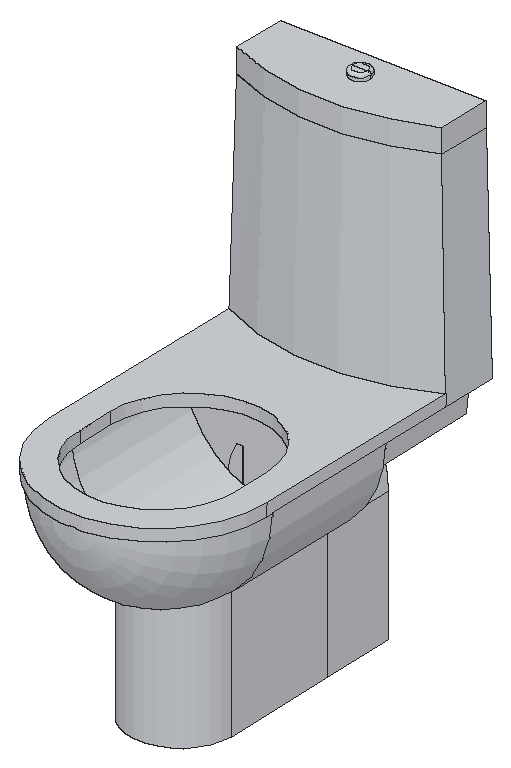
Revit family
Parameters (values of type "550 x 360mm")
  Material = none
  Manufacturer = "Revit"
  Button Material = none
  Assembly Code = ""
Reference planes
  plane 1 "Center (Front/Back)": y = 0
  plane 2: z = 0
  plane 3 "Center (Left/Right)": x = 0
  plane 4: x = -17.5
Forms (mm)
  Extrusion 1, solid, material <- "Material"
    sketch origin (0, -95, 400) x (1, 0, 0) y (0, 1, 0)
      loop
        line (-179.9, 0) -> (-179.9, -370.216)
        arc (-179.9, -370.216) -> (0.005, -550.122) -> (179.91, -370.216) r 179.905
        line (179.91, -370.216) -> (179.91, 0) -> (-179.9, 0)
      loop
        line (-130, -308.309) -> (-130, -372.093)
        arc (-130, -372.093) -> (0, -502.093) -> (130, -372.093) r 130
        line (130, -372.093) -> (130, -308.309)
        arc (130, -308.309) -> (0, -178.309) -> (-130, -308.309) r 130
    from -20 to 0
  Blend 2, solid, material <- "Material"
    base sketch origin (0, -124.9, 380) x (0, 0, -1) y (-1, 0, 0)
      loop
        arc (0, -180) -> (15.761, -179.209) -> (31.405, -177.138) r 193.77
        line (31.405, -177.138) -> (31.405, -150.665)
        arc (31.405, -150.665) -> (153.903, 0) -> (31.405, 150.665) r 153.903
        line (31.405, 150.665) -> (31.405, 177.138)
        arc (31.405, 177.138) -> (15.761, 179.209) -> (0, 180) r 193.77
        line (0, 180) -> (0, -180)
    top sketch origin (0, -124.9, 380) x (0, 0, -1) y (-1, 0, 0)
      loop
        line (0, 180) -> (0, -180)
        arc (0, -180) -> (15.761, -179.209) -> (31.405, -177.138) r 193.77
        line (31.405, -177.138) -> (31.405, -150.665)
        arc (31.405, -150.665) -> (107.291, 0) -> (31.405, 150.665) r 187.508
        line (31.405, 150.665) -> (31.405, 177.138)
        arc (31.405, 177.138) -> (15.761, 179.209) -> (0, 180) r 193.77
    from -95 to 74.9
  Revolve 3, solid, material <- "Material"
    sketch origin (-135.875, -95, 380) x (0, -1, 0) y (1, 0, 0)
      loop
        line (124.9, -18.028) -> (124.9, -44.025) -> (359.287, -44.025)
        arc (359.287, -44.025) -> (490.375, 8.047) -> (550, 135.875) r 191.038
        line (550, 135.875) -> (523.953, 135.875)
        arc (523.953, 135.875) -> (472.275, 26.71) -> (360.086, -18.028) r 165.042
        line (360.086, -18.028) -> (124.9, -18.028)
      axis (550, 135.875) -> (124.9, 135.875)
    angle from 0 to 180
  Sweep 4, solid, material <- "Material"
    path origin (0, -95, 0) x (1, 0, 0) y (0, 1, 0)
      loop
        line (-84.416, -124.9) -> (-84.416, -324.944)
        arc (-84.416, -324.944) -> (-0.099, -409.36) -> (84.415, -325.143) r 84.416
        line (84.415, -325.143) -> (84.415, -124.9)
    profile origin (0, -319.922, 0) x (1, 0, 0) y (0, 0, 1)
      loop
        line (-84.416, 0) -> (-58.435, 0) -> (-58.435, 219.393) -> (-84.416, 234.393) -> (-84.416, 0)
  Sweep 5, solid, material <- "Material"
    path origin (0, -95, 0) x (1, 0, 0) y (0, 1, 0)
      loop
        line (-58.435, -124.9) -> (-58.435, 0)
    profile origin (0, -157.45, 0) x (-1, 0, 0) y (0, 0, 1)
      loop
        line (84.416, 0.709) -> (84.416, 221.135)
        arc (84.416, 221.135) -> (79.629, 258.271) -> (67.208, 293.595) r 178.675
        line (67.208, 293.595) -> (57.208, 293.595) -> (57.208, 0.709) -> (84.416, 0.709)
  Sweep 6, solid, material <- "Material"
    path origin (0, -95, 0) x (-1, 0, 0) y (0, -1, 0)
      loop
        line (-58.435, 124.9) -> (-58.435, 0)
    profile origin (0, -157.45, 0) x (1, 0, 0) y (0, 0, 1)
      loop
        line (84.416, 0.709) -> (84.416, 221.135)
        arc (84.416, 221.135) -> (79.629, 258.271) -> (67.208, 293.595) r 178.675
        line (67.208, 293.595) -> (57.208, 293.595) -> (57.208, 0.709) -> (84.416, 0.709)
  Blend 7, solid, material <- "Material"
    base sketch origin (0, 0, 0) x (1, 0, 0) y (0, 1, 0)
      loop
        arc (-180, -95) -> (0, -140) -> (180, -95) r 382.5
        line (180, -95) -> (180, 0) -> (-180, 0) -> (-180, -95)
    top sketch origin (0, 0, 0) x (1, 0, 0) y (0, 1, 0)
      loop
        line (-170, 0) -> (-170, -90.146)
        arc (-170, -90.146) -> (0, -130) -> (170, -90.146) r 382.5
        line (170, -90.146) -> (170, 0) -> (-170, 0)
    from 380 to 750
  Extrusion 8, solid, material <- "Material"
    sketch origin (0, 0, 750) x (1, 0, 0) y (0, 1, 0)
      loop
        line (-170, 0) -> (-170, -90.146)
        arc (-170, -90.146) -> (0, -130) -> (170, -90.146) r 382.5
        line (170, -90.146) -> (170, 0) -> (-170, 0)
    from 0 to 40
  Revolve 9, solid, material <- "Button Material", detail levels medium+fine
    sketch origin (0, -47.5, 0) x (1, 0, 0) y (0, 0, 1)
      loop
        line (0, 790) -> (0, 800) -> (-12.5, 800)
        arc (-12.5, 800) -> (-16.036, 798.536) -> (-17.5, 795) r 5
        line (-17.5, 795) -> (-17.5, 790) -> (0, 790)
      axis (0, 800) -> (0, 790)
    angle from 0 to 360
Lines and regions (mm)
  symbolic lines
    curve 1: line (-180, -480, 0) -> (-180, -95, 0)
    curve 2: arc (-180, -95, 0) -> (0, -140, 0) -> (180, -95, 0) r 382.5
    curve 3: line (180, -95, 0) -> (180, -480, 0)
    curve 4: arc (180, -480, 0) -> (0, -645, 0) -> (-180, -480, 0) r 180.682
    curve 9: arc (130, -405, 0) -> (0, -275, 0) -> (-130, -405, 0) r 130
    curve 10: line (-130, -405, 0) -> (-130, -495, 0)
    curve 11: arc (-130, -495, 0) -> (0, -605, 0) -> (130, -495, 0) r 131.818
    curve 12: line (130, -495, 0) -> (130, -405, 0)
    curve 13: line (-40, -375, 0) -> (40, -375, 0)
    curve 14: line (40, -375, 0) -> (40, -425, 0)
    curve 15: arc (40, -425, 0) -> (0, -455, 0) -> (-40, -425, 0) r 41.667
    curve 16: line (-40, -425, 0) -> (-40, -375, 0)
    curve 17: line (-170, 0, 0) -> (-170, -90.146, 0)
    curve 18: arc (-170, -90.146, 0) -> (0, -130, 0) -> (170, -90.146, 0) r 382.5
    curve 19: line (170, -90.146, 0) -> (170, 0, 0)
    curve 22: line (-180, 0, 0) -> (0, 0, 0)
    curve 23: line (0, 0, 0) -> (180, 0, 0)
    curve 24: line (180, 0, 0) -> (180, -95, 0)
    curve 25: line (-180, -95, 0) -> (-180, 0, 0)
  symbolic lines, detail levels medium+fine
    curve 5: arc (-72.5, -225, 0) -> (-80, -217.5, 0) -> (-87.5, -225, 0) r 7.5
    curve 6: arc (-87.5, -225, 0) -> (-80, -232.5, 0) -> (-72.5, -225, 0) r 7.5
    curve 7: arc (72.5, -225, 0) -> (80, -232.5, 0) -> (87.5, -225, 0) r 7.5
    curve 8: arc (87.5, -225, 0) -> (80, -217.5, 0) -> (72.5, -225, 0) r 7.5
    curve 20: arc (-17.5, -50, 0) -> (0, -67.5, 0) -> (17.5, -50, 0) r 17.5
    curve 21: arc (17.5, -50, 0) -> (0, -32.5, 0) -> (-17.5, -50, 0) r 17.5
  model lines
    curve 26: arc (-179.9, -95, 400) -> (0.05, -140, 400) -> (180, -95, 400) r 382.301
Dimensions and locks
  aligned: curve 26 to Extrusion 1
